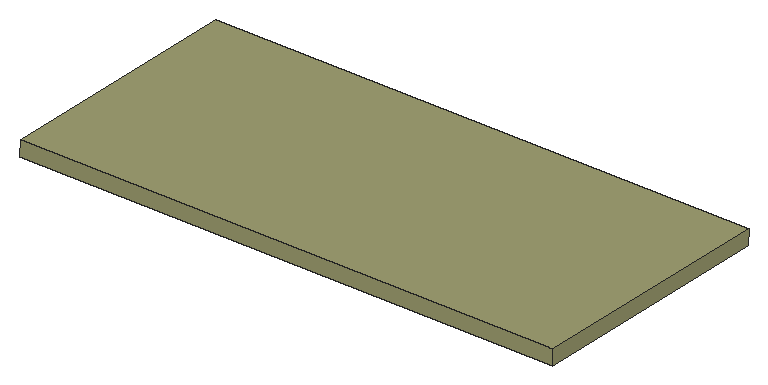
Revit family "Ecowool Classic Blanket P40", category Generic Models, host Face, Revit 2020
Family settings
  Host = Face
  Can host rebar = No
  Round Connector Dimension = Use Diameter
  Part Type = Normal
  Cut with Voids When Loaded = No
  Shared = No
  Room Calculation Point = No
Parameters (values of type "P40 (50mm)")
  Width [instance] = 800 mm
  URL = "www.ecowool.com.my"
  Type of Insulation = "Glass Mineral Wool Blanket"
  Thermal R value = 1.55
  Thermal K value = 0.0321
  Remarks = ""
  Material Specification = ""
  Manufacturer = "PGF Insulation Sdn. Bhd."
  Insulation Thickness = 50 mm
  Length(mm) [instance] = 1740 mm
  Finish = Brownie Blanket
  ECOWOOL Product thickness in mm = ""
  Description = "ECOWOOL Brownie blanket and slabs are resilient, non-combustible, glass mineral wool products, supplied at roofing and walling application for residential and commercial building"
  Density = 40.00 kg/m³
  Default Elevation = 1219.2 mm
Reference planes
  plane 1 "Center (Front/Back)": y = 0
  plane 2: z = 0
  plane 3 "Center (Left/Right)": x = 0
  plane 4: x = 1740
  plane 5: y = -400
  plane 6: y = 400
Forms (mm)
  Sweep 1, solid, material "Brownie Blanket" <- "Finish"
    path origin (0, 0, 0) x (1, 0, 0) y (0, 1, 0)
      loop
        line (0, 0) -> (1740, 0)
    profile origin (870, 0, 0) x (0, 1, 0) y (0, 0, 1)
      loop
        line (-400, 50) -> (-400, 0) -> (400, 0) -> (400, 50) -> (-400, 50)
Lines and regions (mm)
  reference lines
    curve 1: line (0, 0, 0) -> (1740, 0, 0)
Dimensions and locks
  "Width": plane 5 to plane 6
  equal spacing: plane 5, plane 1 "Center (Front/Back)", plane 6
  "Length(mm)": plane 3 "Center (Left/Right)" to plane 4
  "Insulation Thickness": host face to Sweep 1 sketch curve
  aligned and locked: plane 2 to host face
  aligned and locked: level to host face
  aligned and locked: plane 3 "Center (Left/Right)" to curve 1
  aligned and locked: plane 4 to curve 1
  aligned and locked: plane 3 "Center (Left/Right)" to Sweep 1 sketch curve
  aligned and locked: plane 4 to Sweep 1 sketch curve
  aligned and locked: level to Sweep 1 sketch curve
  aligned and locked: plane 6 to Sweep 1 sketch curve
  aligned and locked: Sweep 1 sketch curve to plane 5
Automatic sketch dimensions
  host sketch curve to host sketch curve = 1616.306 mm
  host sketch curve to host sketch curve = 2438.4 mm
  plane 1 "Center (Front/Back)" to curve 1 = 0 mm
  plane 1 "Center (Front/Back)" to Sweep 1 sketch curve = 0 mm
